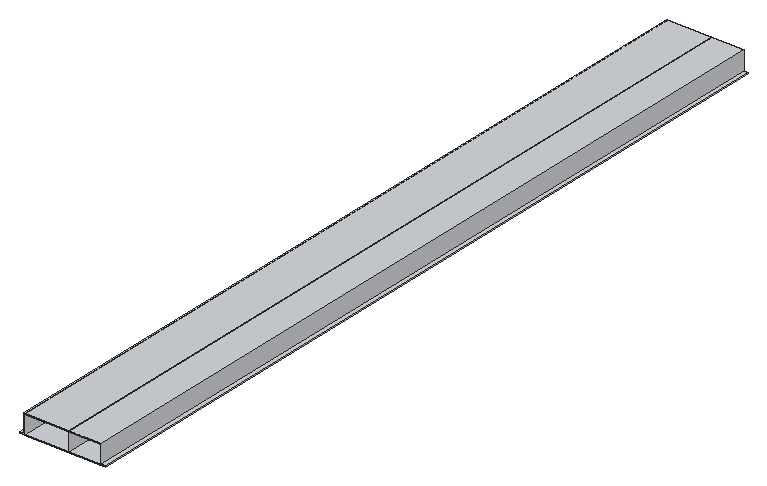
Revit family "Estrichüberdecktes Kanalsystem EÜK_Unterflur-Installationskanal_2-zügig", category Generic Models, Revit 2015
Parameters (values of type "S2 19048")
  Width = 190 mm
  URL = "http://www.obo-bettermann.com"
  Size "b" = 110 mm
  Size "a" = 80 mm
  Material = Steel, Galvanized
  Manufacturer Art. No. = "7400308"
  Manufacturer = "OBO Bettermann"
  Length [instance] = 2000 mm
  Height [instance] = 48 mm
  GTIN = "4012195089278"
  Article Type = "S2 19048"
Types (7, lengths in mm): name | Width | Size "b" | Size "a" | Manufacturer Art. No. | Height | GTIN | Article Type
  (no name) | 190 | 110 | 80 | "7400308" | 48 | "4012195089278" | "S2 19048"
  S2 19028 | 190 | 110 | 80 | "7400300" | 28 | "4012195089254" | "S2 19028"
  S2 25028 | 250 | 140 | 110 | "7400312" | 28 | "4012195089285" | "S2 25028"
  S2 19038 | 190 | 110 | 80 | "7400304" | 38 | "4012195089261" | "S2 19038"
  S2 19048 | 190 | 110 | 80 | "7400308" | 48 | "4012195089278" | "S2 19048"
  S2 25038 | 250 | 140 | 110 | "7400316" | 38 | "4012195089315" | "S2 25038"
  S2 25048 | 250 | 140 | 110 | "7400320" | 48 | "4012195089322" | "S2 25048"
Reference planes
  plane 1 "Center (Front/Back)": y = 0
  plane 2: z = 0
  plane 3 "Center (Left/Right)": x = 0
  plane 4: y = -2000
  plane 5: x = 80
  plane 6: x = -110
  plane 7: z = 48
  plane 8: z = 2
  plane 9: z = 1
Forms (mm)
  Extrusion 1, solid
    sketch origin (0, 0, 0) x (1, 0, 0) y (0, 0, 1)
      loop
        line (-122, 0) -> (92, 0) -> (92, 2) -> (81, 2) -> (81, 48) -> (-111, 48) -> (-111, 2) -> (-122, 2) -> (-122, 0)
      loop
        line (-110, 1) -> (80, 1) -> (80, 47) -> (-110, 47) -> (-110, 1)
    from 0 to 2000
  Extrusion 2, solid
    sketch origin (0, 0, 0) x (1, 0, 0) y (0, 0, 1)
      loop
        line (-1, 1) -> (0, 1) -> (0, 47) -> (-1, 47) -> (-1, 1)
    from 0 to 2000
Lines and regions (mm)
  model lines
    curve 1: line (80, 0, 47) -> (80, 0, 1)
    curve 2: line (80, 0, 47) -> (-110, 0, 47)
    curve 3: line (-110, 0, 47) -> (-110, 0, 1)
    curve 4: line (81, 0, 48) -> (-111, 0, 48)
    curve 5: line (81, 0, 48) -> (81, 0, 2)
    curve 6: line (-111, 0, 48) -> (-111, 0, 2)
    curve 7: line (81, 0, 2) -> (92, 0, 2)
    curve 8: line (92, 0, 0) -> (-122, 0, 0)
    curve 9: line (-122, 0, 0) -> (-122, 0, 2)
    curve 10: line (-122, 0, 2) -> (-111, 0, 2)
    curve 11: line (92, 0, 2) -> (92, 0, 0)
    curve 12: line (-110, 0, 1) -> (80, 0, 1)
    curve 13: line (0, 0, 47) -> (0, 0, 1)
    curve 14: line (-1, 0, 1) -> (-1, 0, 47)
    curve 15: line (-1, 0, 47) -> (0, 0, 47)
    curve 16: line (-1, 0, 1) -> (0, 0, 1)
Dimensions and locks
  "Length": plane 1 "Center (Front/Back)" to plane 4
  "Width": plane 6 to plane 5
  "Size "a"": plane 3 "Center (Left/Right)" to plane 5
  "Height": level to plane 7
  locked: curve 2 to plane 7 at 1
  curve 5 to curve 1 = 1 mm
  locked: level to plane 8 at 2
  locked: curve 3 to curve 6 at 1
  locked: level to plane 9 at 1
  locked: curve 11 to curve 5 at 11
  locked: curve 9 to curve 6 at 11
  locked: curve 14 to curve 13 at 1
  aligned and locked: level to plane 2
  aligned and locked: plane 5 to curve 1
  aligned and locked: plane 6 to curve 3
  aligned and locked: plane 7 to curve 4
  aligned and locked: curve 10 to plane 8
  aligned and locked: curve 7 to plane 8
  aligned and locked: level to curve 8
  aligned and locked: curve 12 to plane 9
  aligned and locked: Extrusion 1 sketch curve to curve 9
  aligned and locked: Extrusion 1 sketch curve to curve 10
  aligned and locked: Extrusion 1 sketch curve to curve 6
  aligned and locked: Extrusion 1 sketch curve to curve 4
  aligned and locked: Extrusion 1 sketch curve to curve 5
  aligned and locked: Extrusion 1 sketch curve to curve 7
  aligned and locked: Extrusion 1 sketch curve to curve 11
  aligned and locked: Extrusion 1 sketch curve to curve 8
  aligned and locked: Extrusion 1 sketch curve to curve 3
  aligned and locked: Extrusion 1 sketch curve to curve 2
  aligned and locked: Extrusion 1 sketch curve to curve 1
  aligned and locked: Extrusion 1 sketch curve to curve 12
  aligned and locked: Extrusion 1 to plane 4
  aligned and locked: curve 13 to plane 3 "Center (Left/Right)"
  aligned and locked: curve 15 to curve 2
  aligned and locked: curve 12 to curve 16
  aligned and locked: Extrusion 2 sketch curve to curve 14
  aligned and locked: Extrusion 2 sketch curve to curve 15
  aligned and locked: Extrusion 2 sketch curve to curve 13
  aligned and locked: Extrusion 2 sketch curve to curve 16
  aligned and locked: Extrusion 2 to plane 4
